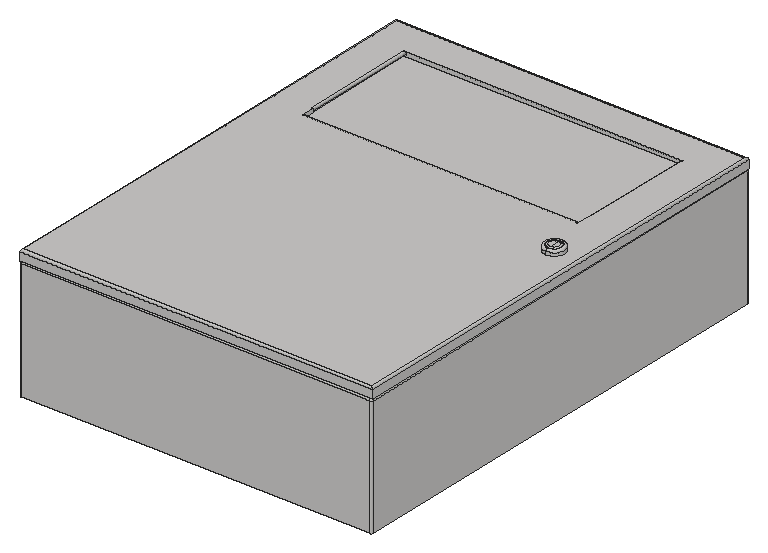
Revit family "PRD_AR_WstBns_RODANHygieneWasteBin_RODX612", category Specialty Equipment, host Face, Revit 2018
Family settings
  Host = Face
  Round Connector Dimension = Use Diameter
  Part Type = Normal
  OmniClass Number = 23.40.20.31.11
  OmniClass Title = Bins
  Cut with Voids When Loaded = Yes
  Shared = No
  Room Calculation Point = No
Parameters (values of type "RODX612")
  WarrantyStartDate [instance] = "1900-12-31T23:59:59"
  WarrantyGuarantorParts = "n/a"
  WarrantyGuarantorLabor = "n/a"
  WarrantyDurationUnit = "year"
  WarrantyDurationParts = "n/a"
  WarrantyDurationLabor = "n/a"
  WarrantyDescription = "n/a"
  Version = "1"
  Uniclass2015Version = "Products v1.17"
  Uniclass2015Title = "Waste bins"
  Uniclass2015Code = "Pr_40_50_07_96"
  URL = "www.kwc.com"
  TypeOfMounting = "Wall mounting"
  TypeOfFixing = "Screw"
  TagNumber [instance] = "n/a"
  SustainabilityPerformance = "n/a"
  Style = "Waste bin"
  Size = "350 x 469 x 130 mm"
  Shape = "n/a"
  SerialNumber [instance] = "n/a"
  Revision = "n/a"
  ReplacementCost = "n/a"
  ProductInformation = "https://pim.kwc.com/product/2000101358/attachment/datasheet?locale=en"
  Offset = 0 mm
  NominalWidth = 350 mm
  NominalHeight = 469 mm
  NominalDepth = 130 mm
  NetWeight = 4.56 kg
  Name = "Hygiene Waste Bin RODX612"
  NBSTypeID = "n/a"
  NBSReference = "45-35-72/380"
  NBSOfficeMasterTag = "n/a"
  NBSNote = "n/a"
  NBSDescription = "Waste bins"
  NBSCertification = "n/a"
  ModelReference = "RODX612"
  ModelNumber = "2000101358"
  Model = ModelReference  # "RODX612"
  MaterialThickness = "0.80 mm"
  MaterialCode = "1.4301"
  Material = "stainless steel"
  ManufacturerURL = "www.kwc.com"
  ManufacturerName = "KWC Group AG"  # constant formula
  Manufacturer = ManufacturerName  # "KWC Group AG"
  MainColor = "stainless steel"
  Lock = "Key-lock"
  Lid = "Yes"
  IsBuiltIn = "TRUE"
  IntegralAccessories = "incl. stainless steel screws and dowels"
  InstallationDate [instance] = "1900-12-31T23:59:59"
  IfcExportType = "USERDEFINED"
  IfcExportAs = "IfcFurnitureType"
  GrossWeight = 5.46 kg
  Grade = "n/a"
  Finish = "satin finished"
  FillingVolume = "6.00 liter"
  Features = "stainless steel, surface satin finished"
  ExpectedLife = "n/a"
  DurationUnit = "year"
  DispenserMaterial = PRD_AR_StainlessSteel_SatinFinished
  Description = "Sanitary towel and disposal bin for wall mounting, stainless steel, surface satin finished, material thickness 0.8 mm, approx. 6 liter capacity, with integrated bag holder, self closing lid, with integrated storage for paper hygiene bags, can be combined with RODX191 hygiene bag dispenser for plastic bags, cylinder lock with KWC standard key, includes stainless steel screws and dowels."
  Default Elevation = 600 mm
  CreatedOn = "05/2020"  # constant formula
  Constituents = "n/a"
  Color = "n/a"
  CodePerformance = "n/a"
  Category = "Pr_40_50_07_96, Waste bins"
  BarCode [instance] = "n/a"
  BagHolder = "Integrated"
  BIMObjectName = "PRD_AR_WasteBins_RODANHygieneWasteBin_RODX612"
  Author = "Archispace"  # constant formula
  AssetType = "Fixed"
  AssetIdentifier [instance] = "n/a"
  AccessibilityPerformance = "n/a"
Reference planes
  plane 1 "Center (Front/Back)": y = 0
  plane 2: z = 0
  plane 3 "Center (Left/Right)": x = 0
  plane 4: z = 0
Dimensions and locks
  "Offset": plane 4 to level
  aligned and locked: plane 2 to host face
  aligned and locked: level to host face
Automatic sketch dimensions
  host sketch curve to host sketch curve = 949.647 mm
  host sketch curve to host sketch curve = 921.576 mm
Nested families
  nested 1: "RODX612" at (0, 0, 0), type "RODX612"
Definition of nested family "RODX612"
  Parameters (values of type "RODX612")
    Material = none
  Reference planes
    plane 1 "Center (Front/Back)": y = 0
    plane 2: z = 0
    plane 3 "Center (Left/Right)": x = 0
  Forms (mm)
    Sweep 1, solid, material <- "Material", detail levels fine
      path origin (-30, 12.517, -36.3) x (0, 1, 0) y (0, 0, -1)
        loop
          line (-200.017, -154.527) -> (174.983, -154.527)
      profile origin (-30, 0, 118.227) x (0, 0, -1) y (-1, 0, 0)
        loop
          circle (0.027, 145) r 1.8
    Extrusion 2, solid, material <- "Material", detail levels fine
      sketch origin (0, 0, 0) x (1, 0, 0) y (0, 1, 0)
        loop
          arc (175, 232.4) -> (174.385, 233.885) -> (172.9, 234.5) r 2.1
          line (172.9, 234.5) -> (-172.9, 234.5)
          arc (-172.9, 234.5) -> (-174.385, 233.885) -> (-175, 232.4) r 2.1
          line (-175, 232.4) -> (-175, -232.4)
          arc (-175, -232.4) -> (-174.385, -233.885) -> (-172.9, -234.5) r 2.1
          line (-172.9, -234.5) -> (172.9, -234.5)
          arc (172.9, -234.5) -> (174.385, -233.885) -> (175, -232.4) r 2.1
          line (175, -232.4) -> (175, 232.4)
      from 0 to 120
    Sweep 3, void
      path in 3D
        loop
          arc (-175, -232.4, 120) -> (-174.385, -233.885, 120) -> (-172.9, -234.5, 120) r 2.1
          line (-172.9, -234.5, 120) -> (172.9, -234.5, 120)
          arc (172.9, -234.5, 120) -> (174.385, -233.885, 120) -> (175, -232.4, 120) r 2.1
          line (175, -232.4, 120) -> (175, 232.4, 120)
          arc (175, 232.4, 120) -> (174.385, 233.885, 120) -> (172.9, 234.5, 120) r 2.1
          line (172.9, 234.5, 120) -> (-172.9, 234.5, 120)
          arc (-172.9, 234.5, 120) -> (-174.385, 233.885, 120) -> (-175, 232.4, 120) r 2.1
          line (-175, 232.4, 120) -> (-175, -232.4, 120)
      profile origin (-175, 0, 120) x (1, 0, 0) y (0, 0, 1)
        loop
          line (0, 0) -> (0, -2)
          arc (0, -2) -> (0.586, -0.586) -> (2, 0) r 2
          line (2, 0) -> (0, 0)
    Extrusion 4, solid, material <- "Material", detail levels fine
      sketch origin (0, 0, 0) x (1, 0, 0) y (0, 1, 0)
        loop
          line (-175, 233.5) -> (-175, -233.5) -> (175, -233.5) -> (175, 233.5) -> (-175, 233.5)
      from 120 to 130
    Sweep 5, void
      path in 3D
        loop
          line (-175, 233.5, 130) -> (-175, -233.5, 130) -> (175, -233.5, 130) -> (175, 233.5, 130) -> (-175, 233.5, 130)
      profile origin (0, 233.5, 130) x (0, -1, 0) y (0, 0, 1)
        loop
          line (0, 0) -> (0, -2)
          arc (0, -2) -> (0.586, -0.586) -> (2, 0) r 2
          line (2, 0) -> (0, 0)
    Revolve 6, solid, material <- "Material", detail levels fine
      sketch origin (149, 0, 0) x (0, 1, 0) y (0, 0, 1)
        loop
          line (25, 130) -> (25, 135.2) -> (19.5, 135.2)
          arc (19.5, 135.2) -> (19, 135.066) -> (18.634, 134.7) r 1
          line (18.634, 134.7) -> (17, 134.7)
          arc (17, 134.7) -> (15.586, 134.114) -> (15, 132.7) r 2
          line (15, 132.7) -> (15, 130) -> (25, 130)
        axis (25, 135.2) -> (25, 130)
      angle from 0 to 360
    Extrusion 7, void
      sketch origin (0, 0, 0) x (1, 0, 0) y (0, 1, 0)
        loop
          line (-137, 197.5) -> (-138.5, 197.5) -> (-138.5, 82.5) -> (-137, 82.5) -> (-137, 70) -> (137, 70) -> (137, 82.5) -> (138.5, 82.5) -> (138.5, 197.5) -> (-137, 197.5)
      from 126 to 130
    Extrusion 8, solid, material <- "Material", detail levels fine
      sketch origin (0, 0, 0) x (0, 1, 0) y (0, 0, 1)
        loop
          line (70, 130) -> (70, 127)
          arc (70, 127) -> (71.5, 128.5) -> (70, 130) r 1.5
      from -137 to 137
    Extrusion 9, solid, material <- "Material", detail levels fine
      sketch origin (0, 0, 0) x (1, 0, 0) y (0, 0, 1)
        loop
          arc (138.5, 130) -> (137, 128.5) -> (138.5, 127) r 1.5
          line (138.5, 127) -> (138.5, 130)
        loop
          line (-138.5, 130) -> (-138.5, 127)
          arc (-138.5, 127) -> (-137, 128.5) -> (-138.5, 130) r 1.5
      from -197.5 to -82.5
    Extrusion 10, void
      sketch origin (0, 0, 0) x (0, 1, 0) y (0, 0, 1)
        loop
          line (232.5, 105) -> (211.5, 105) -> (211.5, 92.765)
          arc (211.5, 92.765) -> (211.19, 91.696) -> (210.358, 90.958) r 2
          line (210.358, 90.958) -> (133.642, 54.542)
          arc (133.642, 54.542) -> (132.81, 53.804) -> (132.5, 52.735) r 2
          line (132.5, 52.735) -> (132.5, 28)
          arc (132.5, 28) -> (133.086, 26.586) -> (134.5, 26) r 2
          line (134.5, 26) -> (209.5, 26)
          arc (209.5, 26) -> (210.914, 25.414) -> (211.5, 24) r 2
          line (211.5, 24) -> (211.5, 11) -> (232.5, 11)
          arc (232.5, 11) -> (233.914, 10.414) -> (234.5, 9) r 2
          line (234.5, 9) -> (234.5, 107)
          arc (234.5, 107) -> (233.914, 105.586) -> (232.5, 105) r 2
      from -155 to 155
    Extrusion 11, solid, material <- "Material", detail levels medium
      sketch origin (0, 0, 0) x (1, 0, 0) y (0, 1, 0)
        loop
          line (175, -234.5) -> (175, 234.5) -> (-175, 234.5) -> (-175, -234.5) -> (175, -234.5)
      from 0 to 119.715
    Extrusion 12, solid, material <- "Material", detail levels medium
      sketch origin (0, 0, 0) x (1, 0, 0) y (0, 1, 0)
        loop
          line (175, -233.5) -> (175, 233.5) -> (-175, 233.5) -> (-175, -233.5) -> (175, -233.5)
      from 119.715 to 130
    Revolve 13, solid, material <- "Material", detail levels medium
      sketch origin (149, 0, 0) x (0, 1, 0) y (0, 0, 1)
        loop
          line (25, 130) -> (25, 135.2) -> (15, 135.2) -> (15, 130) -> (25, 130)
        axis (25, 135.2) -> (25, 130)
      angle from 0 to 360
    Extrusion 14, void
      sketch origin (0, 0, 0) x (1, 0, 0) y (0, 1, 0)
        loop
          line (-137, 197.5) -> (-137, 71.5) -> (137, 71.5) -> (137, 197.5) -> (-137, 197.5)
      from 126 to 130
    Extrusion 15, void
      sketch origin (0, 0, 0) x (0, 1, 0) y (0, 0, 1)
        loop
          line (234.5, 105) -> (211.5, 105) -> (211.5, 91.5) -> (132.5, 54) -> (132.5, 26) -> (211.5, 26) -> (211.5, 11) -> (234.5, 11) -> (234.5, 105)
      from -155 to 155
    Extrusion 16, solid, material <- "Material", detail levels coarse
      sketch origin (0, 0, 0) x (1, 0, 0) y (0, 1, 0)
        loop
          line (-175, 234.5) -> (-175, -234.5) -> (175, -234.5) -> (175, 234.5) -> (-175, 234.5)
      from 0 to 130
    Extrusion 17, void
      sketch origin (0, 0, -335) x (0, 1, 0) y (0, 0, 1)
        loop
          line (232.5, 440) -> (211.5, 440) -> (211.5, 427.765)
          arc (211.5, 427.765) -> (211.19, 426.696) -> (210.358, 425.958) r 2
          line (210.358, 425.958) -> (133.642, 389.542)
          arc (133.642, 389.542) -> (132.81, 388.804) -> (132.5, 387.735) r 2
          line (132.5, 387.735) -> (132.5, 363)
          arc (132.5, 363) -> (133.086, 361.586) -> (134.5, 361) r 2
          line (134.5, 361) -> (209.5, 361)
          arc (209.5, 361) -> (210.914, 360.414) -> (211.5, 359) r 2
          line (211.5, 359) -> (211.5, 346) -> (232.5, 346) -> (232.5, 440)
      from 155 to 174
    Extrusion 18, void
      sketch origin (0, 0, -335) x (0, 1, 0) y (0, 0, -1)
        loop
          line (232.5, -440) -> (232.5, -346) -> (211.5, -346) -> (211.5, -359)
          arc (211.5, -359) -> (210.914, -360.414) -> (209.5, -361) r 2
          line (209.5, -361) -> (134.5, -361)
          arc (134.5, -361) -> (133.086, -361.586) -> (132.5, -363) r 2
          line (132.5, -363) -> (132.5, -387.735)
          arc (132.5, -387.735) -> (132.81, -388.804) -> (133.642, -389.542) r 2
          line (133.642, -389.542) -> (210.358, -425.958)
          arc (210.358, -425.958) -> (211.19, -426.696) -> (211.5, -427.765) r 2
          line (211.5, -427.765) -> (211.5, -440) -> (232.5, -440)
      from 155 to 174
  Cuts and joins
    Extrusion 10, Extrusion 17, Extrusion 18 cuts Sweep 1
    Sweep 3, Extrusion 10, Extrusion 17, Extrusion 18 cuts Extrusion 2
    joined: Sweep 1, Extrusion 2
    Sweep 5, Extrusion 7 cuts Extrusion 4
    joined: Extrusion 4, Extrusion 8, Extrusion 9
    Extrusion 14 cuts Extrusion 12
    Extrusion 15 cuts Extrusion 11
  Lines and regions (mm)
    sketch lines
      curve 1: line (-175, 232.4, 120) -> (-175, -232.4, 120)
      curve 2: arc (-172.9, -234.5, 120) -> (-174.385, -233.885, 120) -> (-175, -232.4, 120) r 2.1
      curve 3: line (-172.9, -234.5, 120) -> (172.9, -234.5, 120)
      curve 4: arc (175, -232.4, 120) -> (174.385, -233.885, 120) -> (172.9, -234.5, 120) r 2.1
      curve 5: line (175, -232.4, 120) -> (175, 232.4, 120)
      curve 6: arc (-175, 232.4, 120) -> (-174.385, 233.885, 120) -> (-172.9, 234.5, 120) r 2.1
      curve 7: line (172.9, 234.5, 120) -> (-172.9, 234.5, 120)
      curve 8: arc (172.9, 234.5, 120) -> (174.385, 233.885, 120) -> (175, 232.4, 120) r 2.1
      curve 9: line (175, 233.5, 130) -> (-175, 233.5, 130)
      curve 10: line (-175, 233.5, 130) -> (-175, -233.5, 130)
      curve 11: line (175, -233.5, 130) -> (175, 233.5, 130)
      curve 12: line (-175, -233.5, 130) -> (175, -233.5, 130)
  Dimensions and locks
    aligned and locked: level to plane 2
